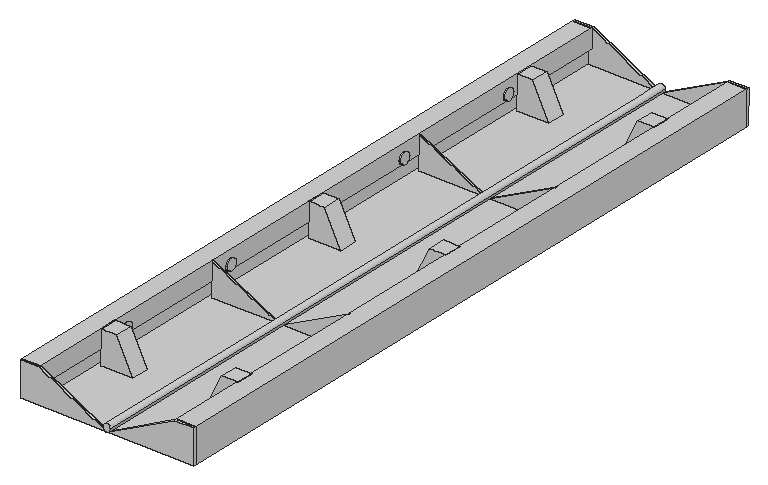
Revit family "MF_INSIDE HINGED CORNER 8'_1904163", category Generic Models, Revit 2018
Family settings
  Can host rebar = No
  Round Connector Dimension = Use Diameter
  Part Type = Normal
  OmniClass Number = 35.51.14.00
  OmniClass Title = FORMWORK
  Work Plane-Based = Yes
  Always vertical = No
  Cut with Voids When Loaded = No
  Shared = Yes
  Room Calculation Point = No
Parameters
  VERSION = "20190101"  # constant formula
  URL = "www.ulmaconstruction.com/en"
  UNICLASS = ""
  REAL ANGLE [instance] = if(ANGLE < 61.00°, 61.00°, if(ANGLE < 180.00°, ANGLE, 180.00°))  # 180.00°
  ITEM_CODE = "1904163"
  Manufacturer = "ULMA CONSTRUCTION"  # constant formula
  INSERTION PLANE POSITION [instance] = if(0.77248" - INSERTION PLANE CALCULATION < 0", 0", 0.77248" - INSERTION PLANE CALCULATION)  # 0.77248"
  INSERTION PLANE CALCULATION [instance] = if(REAL ANGLE = 180.00°, 0", (0.49213" * sin(90.00° - REAL ANGLE) + 0.49213") * tan(90.00° - REAL ANGLE) + 0.49213" * cos(90.00° - REAL ANGLE))  # 0"
  FILTER [instance] = ""
  Default Elevation = 0"
  CLASSIFICATION_TITLE = ""
  CLASSIFICATION_NUMBER = ""
  ANGLE [instance] = 180.00°
Reference planes (in)
  plane 1 "Centro (Frontal/Posterior)": y = 0
  plane 2: z = 0
  plane 3 "Centro (Izquierda/Derecha)": x = 0
  plane 4 "ITEM_HEIGHT": y = 96
  plane 5 "CENTER": z = 0.49213
  plane 6 "INSERTION PLANE": x = 0
  plane 7 "INSERTION PLANE BASE": x = 0.77248
Lines and regions (in)
  reference lines
    curve 1: line (0, 0, 0.49213) -> (12.25, 0, 0.49213)
Dimensions and locks (in)
  locked: plane 1 "Centro (Frontal/Posterior)" to plane 4 "ITEM_HEIGHT" at 96
  locked: plane 7 "INSERTION PLANE BASE" to plane 3 "Centro (Izquierda/Derecha)" at 0.77248
  "INSERTION PLANE POSITION": plane 7 "INSERTION PLANE BASE" to plane 6 "INSERTION PLANE"
  "REAL ANGLE": angle curve 1 to plane 5 "CENTER"
  aligned and locked: level to plane 2
  aligned and locked: plane 3 "Centro (Izquierda/Derecha)" to curve 1
  aligned and locked: plane 5 "CENTER" to curve 1
Nested families (in)
  nested 1: "MEDIA ESCUADRA INT 8' - 1904941_PANELS" at (0, 0, 0), type "MEDIA ESCUADRA INT 8' - 1904941_PANELS"
    with FILTER ""
  nested 2: "MEDIA ESCUADRA INT 8' - 1904941_PANELS" at (0, 0, 0) x (-1, 0, 0) z (0, 0, 1), type "MEDIA ESCUADRA INT 8' - 1904941_PANELS"
    with FILTER ""
Definition of nested family "MEDIA ESCUADRA INT 8' - 1904941_PANELS"
  Parameters (values of type "MEDIA ESCUADRA INT 8' - 1904941_PANELS")
    VERSION = "20170217"  # constant formula
    URL = "www.ulmaconstruction.com/en"
    UNICLASS = ""
    Manufacturer = "ULMA CONSTRUCTION"  # constant formula
    FILTER [instance] = ""
    Default Elevation = 0"
    CLASSIFICATION_TITLE = ""
    CLASSIFICATION_NUMBER = ""
  Reference planes (in)
    plane 1 "Centro (Frontal/Posterior)": y = 0
    plane 2: z = 0
    plane 3 "Centro (Izquierda/Derecha)": x = 0
  Forms (in)
    Extrusion 1, solid, detail levels fine
      sketch origin (0, 0, 0) x (1, 0, 0) y (0, 0, 1)
        loop
          line (-9.44094, 4.72441) -> (-12, 4.72441) -> (-12, 0) -> (-0.35827, 0) -> (-0.35827, 0.15748) -> (-9.93307, 0.15748) -> (-9.93307, 1.99583) -> (-9.44094, 2.20472) -> (-9.44094, 4.72441)
      from -95.68504 to -0.31496
    Extrusion 2, solid
      sketch origin (0, 0, 0) x (1, 0, 0) y (0, 0, 1)
        loop
          circle (0, 0.49213) r 0.49213
      from -96 to 0
    Extrusion 3, solid, detail levels coarse+medium
      sketch origin (0, 0, 0) x (1, 0, 0) y (0, 0, 1)
        loop
          line (-12, 4.72441) -> (-12, 0) -> (-0.35827, 0) -> (-0.35827, 0.15748) -> (-9.44094, 4.72441) -> (-12, 4.72441)
      from -96 to 0
    Extrusion 4, solid, detail levels fine
      sketch origin (0, 0, 0) x (1, 0, 0) y (0, 0, 1)
        loop
          line (-12, 4.72441) -> (-12, 0) -> (-0.35827, 0) -> (-0.35827, 0.15748) -> (-9.44094, 4.72441) -> (-12, 4.72441)
      from -0.31496 to 0
    Extrusion 5, solid, detail levels fine
      sketch origin (0, 119.68504, 0) x (1, 0, 0) y (0, 0, 1)
        loop
          line (-12, 4.72441) -> (-12, 0) -> (-0.35827, 0) -> (-0.35827, 0.15748) -> (-9.44094, 4.72441) -> (-12, 4.72441)
      from 23.68504 to 24
    Extrusion 6, solid, detail levels fine
      sketch origin (0, 16.53543, 0) x (1, 0, 0) y (0, 0, 1)
        loop
          line (-0.35827, 0.15748) -> (-9.44094, 4.72441) -> (-9.44094, 0.15748) -> (-0.35827, 0.15748)
      from -13.62205 to -13.46457
    Extrusion 7, solid, detail levels fine
      sketch origin (0, 58.66142, 0) x (1, 0, 0) y (0, 0, 1)
        loop
          line (-0.35827, 0.15748) -> (-9.44094, 4.72441) -> (-9.44094, 0.15748) -> (-0.35827, 0.15748)
      from -7.33858 to -7.1811
    Extrusion 8, solid, detail levels fine
      sketch origin (0, 12.59843, 0) x (1, 0, 0) y (0, 0, 1)
        loop
          line (-7.23673, 4.72441) -> (-9.44094, 4.72441) -> (-9.44094, 0.15748) -> (-5.01181, 0.15748) -> (-7.23673, 4.72441)
      from -0.58268 to 1.77953
    Extrusion 9, solid, detail levels fine
      sketch origin (0, 38.18898, 0) x (1, 0, 0) y (0, 0, 1)
        loop
          line (-7.23673, 4.72441) -> (-9.44094, 4.72441) -> (-9.44094, 0.15748) -> (-5.01181, 0.15748) -> (-7.23673, 4.72441)
      from -10.99213 to -8.62992
    Extrusion 10, solid, detail levels fine
      sketch origin (0, 57.87402, 0) x (1, 0, 0) y (0, 0, 1)
        loop
          line (-7.23673, 4.72441) -> (-9.44094, 4.72441) -> (-9.44094, 0.15748) -> (-5.01181, 0.15748) -> (-7.23673, 4.72441)
      from -27.30709 to -24.94488
    Extrusion 11, solid, detail levels fine
      sketch origin (0, 0, 0) x (0, 1, 0) y (0, 0, 1)
        loop
          circle (15, 3.03937) r 0.74803
        loop
          circle (33, 3.03937) r 0.74803
        loop
          circle (63, 3.03937) r 0.74803
        loop
          circle (81, 3.03937) r 0.74803
      from -9.44094 to -9.12598
  Lines and regions (in)
    model lines, detail levels fine
      curve 1: circle (-7.27559, 0, 2.51969) r 0.40354 normal (0, -1, 0)
      curve 2: circle (-7.27559, 10.8189, 2.51969) r 0.40354 normal (0, -1, 0)
      curve 3: circle (-7.27559, 46.8189, 2.51969) r 0.40354 normal (0, -1, 0)
      curve 4: circle (-7.27559, 82.8189, 2.51969) r 0.40354 normal (0, -1, 0)
      curve 5: circle (-7.27559, 95.68504, 2.51969) r 0.40354 normal (0, -1, 0)
      curve 6: circle (-7.27559, 0.31496, 2.51969) r 0.40354 normal (0, -1, 0)
      curve 7: circle (-7.27559, 13.1811, 2.51969) r 0.40354 normal (0, -1, 0)
      curve 8: circle (-7.27559, 49.1811, 2.51969) r 0.40354 normal (0, -1, 0)
      curve 9: circle (-7.27559, 85.1811, 2.51969) r 0.40354 normal (0, -1, 0)
      curve 10: circle (-7.27559, 96, 2.51969) r 0.40354 normal (0, -1, 0)
      curve 11: arc (-9.89425, 21.91732, 4.72441) -> (-10.72047, 22.74354, 4.72441) -> (-11.54669, 21.91732, 4.72441) r 0.82622
      curve 12: line (-11.54669, 21.91732, 4.72441) -> (-11.54669, 21.01181, 4.72441)
      curve 13: arc (-11.54669, 21.01181, 4.72441) -> (-10.72047, 20.18559, 4.72441) -> (-9.89425, 21.01181, 4.72441) r 0.82622
      curve 14: line (-9.89425, 21.01181, 4.72441) -> (-9.89425, 21.91732, 4.72441)
      curve 15: circle (-10.72047, 21.46457, 0) r 0.82677 normal (0, 0, 1)
      curve 16: arc (-9.89425, 74.98819, 4.72441) -> (-10.72047, 75.81441, 4.72441) -> (-11.54669, 74.98819, 4.72441) r 0.82622
      curve 17: line (-11.54669, 74.98819, 4.72441) -> (-11.54669, 74.08268, 4.72441)
      curve 18: arc (-11.54669, 74.08268, 4.72441) -> (-10.72047, 73.25646, 4.72441) -> (-9.89425, 74.08268, 4.72441) r 0.82622
      curve 19: line (-9.89425, 74.08268, 4.72441) -> (-9.89425, 74.98819, 4.72441)
      curve 20: circle (-10.72047, 74.53543, 0) r 0.82677 normal (0, 0, 1)
      curve 21: circle (-9.12598, 15, 3.03937) r 0.43307 normal (1, 0, 0)
      curve 22: circle (-9.12598, 33, 3.03937) r 0.43307 normal (1, 0, 0)
      curve 23: circle (-9.12598, 63, 3.03937) r 0.43307 normal (1, 0, 0)
      curve 24: circle (-9.12598, 81, 3.03937) r 0.43307 normal (1, 0, 0)
      curve 25: circle (-12, 15, 3.03937) r 0.43307 normal (1, 0, 0)
      curve 26: circle (-12, 33, 3.03937) r 0.43307 normal (1, 0, 0)
      curve 27: circle (-12, 63, 3.03937) r 0.43307 normal (1, 0, 0)
      curve 28: circle (-12, 81, 3.03937) r 0.43307 normal (1, 0, 0)
  Dimensions and locks (in)
    aligned and locked: level to plane 2
    aligned and locked: Extrusion 11 to Extrusion 1
